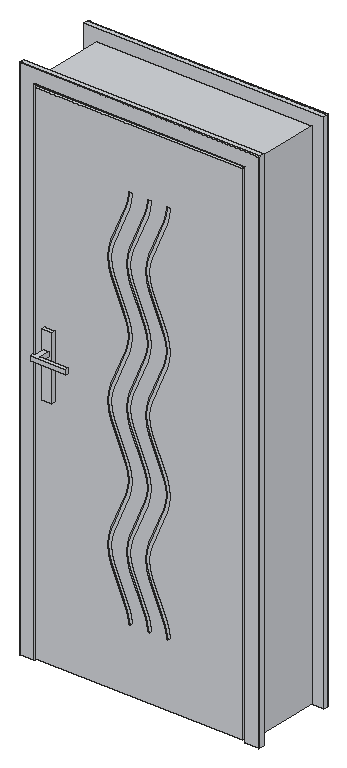
Revit family "PortaFOCUSbp_1D", category Drzwi, Revit 2016
Family settings
  Obiekt nadrzędny = Ściana
  Zawsze pionowo = Tak
  Tnij formami wycięć po wczytaniu = Nie
  Współdzielony = Nie
  Punkt obliczania pomieszczeń = Nie
Parameters (values of type "PN 80")
  Zakres szerokości muru [instance] = if(and(Szerokość ściany > 94 mm, Szerokość ściany < 120 mm), "B", (if(and(Szerokość ściany > 119 mm, Szerokość ściany < 140 mm), "C", (if(and(Szerokość ściany > 139 mm, Szerokość ściany < 160 mm), "D", (if(and(Szerokość ściany > 159 mm, Szerokość ściany < 180 mm), "E", (if(and(Szerokość ściany > 179 mm, Szerokość ściany < 200 mm), "F", (if(and(Szerokość ściany > 199 mm, Szerokość ściany < 220 mm), "G", (if(and(Szerokość ściany > 219 mm, Szerokość ściany < 240 mm), "H", (if(and(Szerokość ściany > 239 mm, Szerokość ściany < 260 mm), "I", (if(and(Szerokość ściany > 259 mm, Szerokość ściany < 280 mm), "J", (if(and(Szerokość ściany > 279 mm, Szerokość ściany < 301 mm), "K", "BRAK")))))))))))))))))))  # "K"
  Wysokość brutto = 2060 mm
  Szerokość ściany [instance] = 300 mm
  Szerokość brutto = 880 mm
  Model = "Porta Focus 1D"
  Konstrukcja analityczna = "<Brak>"
  Funkcja = Wewnętrzna
  URL = "www.porta.com.pl"
  Ss = 818 mm
  Sb = 846 mm
  Producent = "PORTA KMI POLAND"
  Keynote = ""
  Opis = "Własność Porta KMI Poland, wszelkie prawa zastrzeżone."  # constant formula
  Wysokość = 2016 mm
  Zakończenie ściany = Wg obiektu nadrzędnego
  Szerokość = 800 mm
  Materiał_skrzydło [instance] = none
  Materiał_ościeżnica [instance] = none
  Materiał_klamka [instance] = none
  Hs = 2017 mm
Types (5, lengths in mm): name | Szerokość brutto | Ss | Sb | Szerokość
  PN 70 | 780 | 718 | 746 | 700
  PN 60 | 680 | 618 | 646 | 600
  PN 80 | 880 | 818 | 846 | 800
  PN 90 | 980 | 918 | 946 | 900
  PN 100 | 1080 | 1018 | 1046 | 1000
Reference planes
  plane 1: y = 0
  plane 2 "Środek (Lewa/Prawa)": x = 0
  plane 3 "Lewy": x = -440
  plane 4 "Prawy": x = 440
  plane 5: z = 2060
  plane 6 "Zewnętrzna": y = 150
  plane 7 "Wewnętrzna": y = -150
  plane 8 "skrzydło": y = -129
Forms (mm)
  Sweep 1, solid, material <- "Materiał_ościeżnica"
    path in 3D
      loop
        line (-440, -150, 0) -> (-440, -150, 2060) -> (440, -150, 2060) -> (440, -150, 0)
    profile origin (-440, -150, 1030) x (0, -1, 0) y (1, 0, 0)
      loop
        line (-24, 39) -> (-72, 39) -> (-72, 17) -> (0, 17) -> (0, -33) -> (16, -33)
        arc (16, -33) -> (18.121, -32.121) -> (19, -30) r 3
        line (19, -30) -> (19, 24)
        arc (19, 24) -> (18.121, 26.121) -> (16, 27) r 3
        line (16, 27) -> (-24, 27) -> (-24, 39)
  Sweep 2, solid, material <- "Materiał_ościeżnica"
    path in 3D
      loop
        line (440, 150, 0) -> (440, 150, 2060) -> (-440, 150, 2060) -> (-440, 150, 0)
    profile origin (-440, 150, 1030) x (1, 0, 0) y (0, 1, 0)
      loop
        line (-33, 0) -> (17, 0) -> (17, -228) -> (39, -228) -> (39, -1)
        arc (39, -1) -> (37.536, 2.536) -> (34, 4) r 5
        line (34, 4) -> (25, 4) -> (25, 16)
        arc (25, 16) -> (24.121, 18.121) -> (22, 19) r 3
        line (22, 19) -> (-30, 19)
        arc (-30, 19) -> (-32.121, 18.121) -> (-33, 16) r 3
        line (-33, 16) -> (-33, 0)
  Sweep 3, solid, not visible
    path in 3D
      loop
        line (-440, -150, 0) -> (-440, -150, 2060)
    profile origin (-440, -150, 1030) x (0, -1, 0) y (1, 0, 0)
      loop
        line (-151, 17) -> (-149, 17) -> (-149, 19) -> (-151, 19) -> (-151, 17)
Cuts and joins
  joined: Sweep 1, Sweep 2
Lines and regions (mm)
  Opening 1
    outline origin (-3050, -150, 0) x (1, 0, 0) y (0, 0, 1)
      loop
        line (2610, 0) -> (3490, 0) -> (3490, 2060) -> (2610, 2060) -> (2610, 0)
  sketch lines
    curve 1: line (-440, -150, 0) -> (-440, -150, 2060)
    curve 2: line (-440, -150, 2060) -> (440, -150, 2060)
    curve 3: line (440, -150, 2060) -> (440, -150, 0)
    curve 4: line (-440, 150, 2060) -> (-440, 150, 0)
    curve 5: line (440, 150, 2060) -> (-440, 150, 2060)
    curve 6: line (440, 150, 0) -> (440, 150, 2060)
    curve 12: line (-440, -150, 0) -> (-440, -150, 2060)
  symbolic lines, style "DoorsPanelProjection"
    curve 7: line (409, -150, 0) -> (409, -968, 0)
    curve 8: line (409, -968, 0) -> (369, -968, 0)
    curve 9: line (369, -968, 0) -> (369, -150, 0)
    curve 10: line (369, -150, 0) -> (409, -150, 0)
  symbolic lines, style "Ugięcie rzutu"
    curve 11: arc (-409, -150, 0) -> (-169.413, -728.413, 0) -> (409, -968, 0) r 818
Text (mm)
  text "Zewnętrzna" at (-2295.016, 1099.543, 0), in view "Poziom odniesienia"
  text "Zewnętrzna" at (0, 1615.38, 3698.081), in view "Lewy"
  text "Zewnętrzna" at (0, 1036.032, 3874.932), in view "Prawy"
Dimensions and locks
  equal spacing: plane 3 "Lewy", plane 2 "Środek (Lewa/Prawa)", plane 4 "Prawy"
  "Szerokość brutto": plane 3 "Lewy" to plane 4 "Prawy"
  "Wysokość brutto": plane 5 to host wall
  host wall to plane 5 = 2060 mm  (x2)
  locked: plane 6 "Zewnętrzna" to host wall at 0
  locked: plane 7 "Wewnętrzna" to host wall
  "Sb": Sweep 1 to Sweep 1
  locked: Sweep 1 sketch curve to Sweep 1 sketch curve at 22
  Sweep 1 sketch curve to Sweep 1 sketch curve = 50 mm
  locked: Sweep 1 sketch curve to profile plane at 72
  locked: Sweep 2 sketch curve to Sweep 2 sketch curve at 50
  locked: Sweep 2 sketch curve to Sweep 2 sketch curve at 22
  locked: Sweep 2 sketch curve to plane 6 "Zewnętrzna" at 1
  locked: curve 9 to curve 7 at 40
  "Ss": curve 8 to curve 10
  equal spacing: curve 11, plane 2 "Środek (Lewa/Prawa)", curve 7
  locked: plane 7 "Wewnętrzna" to plane 8 "skrzydło" at 21
  locked: host wall to Sweep 3 sketch curve at 1
  locked: Sweep 3 sketch curve to host wall at 1
  locked: Sweep 3 sketch curve to plane 6 "Zewnętrzna" at 151
  locked: plane 7 "Wewnętrzna" to Sweep 3 sketch curve at 151
  nested 1 to plane 2 "Środek (Lewa/Prawa)" to nested 1 = 409 mm, 409 mm
  locked: nested 1 to level at 8
  "Szerokość ściany": host wall to host wall
  aligned and locked: plane 3 "Lewy" to Opening 1 sketch curve
  aligned and locked: plane 5 to Opening 1 sketch curve  (x2)
  aligned and locked: Opening 1 sketch curve to plane 4 "Prawy"
  aligned and locked: Opening 1 sketch curve to level
  aligned and locked: plane 1 to host wall
  aligned and locked: Sweep 1 to Sweep 2 sketch curve
  aligned and locked: plane 7 "Wewnętrzna" to curve 10
  aligned and locked: Sweep 3 sketch curve to cut or joined group of Sweep 1, Sweep 2
  aligned and locked: Sweep 2 sketch curve to cut or joined group of Sweep 1, Sweep 2
  aligned and locked: nested 1 to plane 8 "skrzydło"
  aligned and locked: plane 2 "Środek (Lewa/Prawa)" to nested 1
Automatic sketch dimensions
  profile plane to Sweep 1 sketch curve = 24 mm
  Sweep 1 sketch curve to profile plane = 16 mm  (x2)
  Sweep 1 sketch curve to Sweep 1 sketch curve = 3 mm
  profile plane to Sweep 1 sketch curve = 17 mm
  Sweep 1 sketch curve to Sweep 1 sketch curve = 7 mm
  Sweep 1 sketch curve to profile plane = 0 mm
  Sweep 2 sketch curve to profile plane = 0 mm
  Sweep 2 sketch curve to profile plane = 16 mm
  Sweep 2 sketch curve to Sweep 2 sketch curve = 3 mm
  Sweep 2 sketch curve to Sweep 2 sketch curve = 5 mm
  Sweep 2 sketch curve to profile plane = 4 mm
  Sweep 2 sketch curve to Sweep 2 sketch curve = 8 mm
  curve 11 to host wall = 0 mm
  Sweep 3 sketch curve to Sweep 3 sketch curve = 2 mm
Nested families
  nested 1: "skrzydło" at (0, -135.5, 0), Materiał_klamka <- "Materiał_klamka", Materiał_skrzydło <- "Materiał_skrzydło", type "skrzydło"
    with Materiał_skrzydło none, Materiał_klamka none
Definition of nested family "skrzydło"
  Parameters
    Ss = 818 mm
    Materiał_skrzydło [instance] = none
    Materiał_klamka [instance] = none
    Hs = 2017 mm
  Reference planes
    plane 1 "Tył": y = 6.5
    plane 2: z = 0
    plane 3 "Środek (Lewa/Prawa)": x = 0
    plane 4 "Przód": y = -33.5
    plane 5: z = 2025
    plane 6 "Centrum": y = -13.5
    plane 7: z = 8
    plane 8: x = -409
    plane 9: x = 409
  Forms (mm)
    Extrusion 1, solid, material <- "Materiał_skrzydło"
      sketch origin (-1191.728, -1524, 8) x (-1, 0, 0) y (0, -1, 0)
        loop
          line (-1600.728, -1490.5) -> (-1600.728, -1530.5) -> (-782.728, -1530.5) -> (-782.728, -1490.5) -> (-1600.728, -1490.5)
      from 0 to 2017
    Extrusion 2, void
      sketch origin (-2050.117, -33.5, 1200) x (1, 0, 0) y (0, 0, 1)
        loop
          arc (2174.176, 579.48) -> (2166.102, 588) -> (2157.582, 579.925) r 8.3
          arc (2157.582, 579.925) -> (2154.435, 553.767) -> (2146.51, 528.641) r 142.003
          line (2146.51, 528.641) -> (2088.426, 390.745)
          arc (2088.426, 390.745) -> (2076.012, 329.295) -> (2088.426, 267.845) r 158.3
          line (2088.426, 267.845) -> (2146.51, 129.949)
          arc (2146.51, 129.949) -> (2157.622, 74.942) -> (2146.51, 19.936) r 141.7
          line (2146.51, 19.936) -> (2088.426, -117.96)
          arc (2088.426, -117.96) -> (2076.012, -179.41) -> (2088.426, -240.86) r 158.3
          line (2088.426, -240.86) -> (2146.51, -378.756)
          arc (2146.51, -378.756) -> (2157.622, -433.763) -> (2146.51, -488.769) r 141.7
          line (2146.51, -488.769) -> (2088.426, -626.665)
          arc (2088.426, -626.665) -> (2076.012, -688.115) -> (2088.426, -749.565) r 158.3
          line (2088.426, -749.565) -> (2146.51, -887.462)
          arc (2146.51, -887.462) -> (2153.938, -910.364) -> (2157.381, -934.194) r 141.7
          arc (2157.381, -934.194) -> (2166.151, -941.995) -> (2173.952, -933.225) r 8.3
          arc (2173.952, -933.225) -> (2170.106, -906.604) -> (2161.809, -881.018) r 158.3
          line (2161.809, -881.018) -> (2103.724, -743.121)
          arc (2103.724, -743.121) -> (2092.612, -688.115) -> (2103.724, -633.109) r 141.7
          line (2103.724, -633.109) -> (2161.809, -495.213)
          arc (2161.809, -495.213) -> (2174.222, -433.763) -> (2161.809, -372.313) r 158.3
          line (2161.809, -372.313) -> (2103.724, -234.416)
          arc (2103.724, -234.416) -> (2092.612, -179.41) -> (2103.724, -124.404) r 141.7
          line (2103.724, -124.404) -> (2161.809, 13.493)
          arc (2161.809, 13.493) -> (2174.222, 74.942) -> (2161.809, 136.392) r 158.3
          line (2161.809, 136.392) -> (2103.724, 274.289)
          arc (2103.724, 274.289) -> (2092.612, 329.295) -> (2103.724, 384.301) r 141.7
          line (2103.724, 384.301) -> (2161.809, 522.198)
          arc (2161.809, 522.198) -> (2170.661, 550.263) -> (2174.176, 579.48) r 158.603
        loop
          arc (2099.176, 579.48) -> (2091.102, 588) -> (2082.582, 579.925) r 8.3
          arc (2082.582, 579.925) -> (2079.435, 553.767) -> (2071.51, 528.641) r 142.003
          line (2071.51, 528.641) -> (2013.426, 390.745)
          arc (2013.426, 390.745) -> (2001.012, 329.295) -> (2013.426, 267.845) r 158.3
          line (2013.426, 267.845) -> (2071.51, 129.949)
          arc (2071.51, 129.949) -> (2082.622, 74.942) -> (2071.51, 19.936) r 141.7
          line (2071.51, 19.936) -> (2013.426, -117.96)
          arc (2013.426, -117.96) -> (2001.012, -179.41) -> (2013.426, -240.86) r 158.3
          line (2013.426, -240.86) -> (2071.51, -378.756)
          arc (2071.51, -378.756) -> (2082.622, -433.763) -> (2071.51, -488.769) r 141.7
          line (2071.51, -488.769) -> (2013.426, -626.665)
          arc (2013.426, -626.665) -> (2001.012, -688.115) -> (2013.426, -749.565) r 158.3
          line (2013.426, -749.565) -> (2071.51, -887.462)
          arc (2071.51, -887.462) -> (2078.938, -910.364) -> (2082.381, -934.194) r 141.7
          arc (2082.381, -934.194) -> (2091.151, -941.995) -> (2098.952, -933.225) r 8.3
          arc (2098.952, -933.225) -> (2095.106, -906.604) -> (2086.809, -881.018) r 158.3
          line (2086.809, -881.018) -> (2028.724, -743.121)
          arc (2028.724, -743.121) -> (2017.612, -688.115) -> (2028.724, -633.109) r 141.7
          line (2028.724, -633.109) -> (2086.809, -495.213)
          arc (2086.809, -495.213) -> (2099.222, -433.763) -> (2086.809, -372.313) r 158.3
          line (2086.809, -372.313) -> (2028.724, -234.416)
          arc (2028.724, -234.416) -> (2017.612, -179.41) -> (2028.724, -124.404) r 141.7
          line (2028.724, -124.404) -> (2086.809, 13.493)
          arc (2086.809, 13.493) -> (2099.222, 74.942) -> (2086.809, 136.392) r 158.3
          line (2086.809, 136.392) -> (2028.724, 274.289)
          arc (2028.724, 274.289) -> (2017.612, 329.295) -> (2028.724, 384.301) r 141.7
          line (2028.724, 384.301) -> (2086.809, 522.198)
          arc (2086.809, 522.198) -> (2095.661, 550.263) -> (2099.176, 579.48) r 158.603
        loop
          arc (2024.176, 579.48) -> (2016.102, 588) -> (2007.582, 579.925) r 8.3
          arc (2007.582, 579.925) -> (2004.435, 553.767) -> (1996.51, 528.641) r 142.003
          line (1996.51, 528.641) -> (1938.426, 390.745)
          arc (1938.426, 390.745) -> (1926.012, 329.295) -> (1938.426, 267.845) r 158.3
          line (1938.426, 267.845) -> (1996.51, 129.949)
          arc (1996.51, 129.949) -> (2007.622, 74.942) -> (1996.51, 19.936) r 141.7
          line (1996.51, 19.936) -> (1938.426, -117.96)
          arc (1938.426, -117.96) -> (1926.012, -179.41) -> (1938.426, -240.86) r 158.3
          line (1938.426, -240.86) -> (1996.51, -378.756)
          arc (1996.51, -378.756) -> (2007.622, -433.763) -> (1996.51, -488.769) r 141.7
          line (1996.51, -488.769) -> (1938.426, -626.665)
          arc (1938.426, -626.665) -> (1926.012, -688.115) -> (1938.426, -749.565) r 158.3
          line (1938.426, -749.565) -> (1996.51, -887.462)
          arc (1996.51, -887.462) -> (2003.938, -910.366) -> (2007.381, -934.197) r 141.7
          arc (2007.381, -934.197) -> (2016.151, -941.998) -> (2023.952, -933.228) r 8.3
          arc (2023.952, -933.228) -> (2020.106, -906.605) -> (2011.809, -881.018) r 158.3
          line (2011.809, -881.018) -> (1953.724, -743.121)
          arc (1953.724, -743.121) -> (1942.612, -688.115) -> (1953.724, -633.109) r 141.7
          line (1953.724, -633.109) -> (2011.809, -495.213)
          arc (2011.809, -495.213) -> (2024.222, -433.763) -> (2011.809, -372.313) r 158.3
          line (2011.809, -372.313) -> (1953.724, -234.416)
          arc (1953.724, -234.416) -> (1942.612, -179.41) -> (1953.724, -124.404) r 141.7
          line (1953.724, -124.404) -> (2011.809, 13.493)
          arc (2011.809, 13.493) -> (2024.222, 74.942) -> (2011.809, 136.392) r 158.3
          line (2011.809, 136.392) -> (1953.724, 274.289)
          arc (1953.724, 274.289) -> (1942.612, 329.295) -> (1953.724, 384.301) r 141.7
          line (1953.724, 384.301) -> (2011.809, 522.198)
          arc (2011.809, 522.198) -> (2020.661, 550.263) -> (2024.176, 579.48) r 158.603
      from -1 to 10
    Extrusion 3, void
      sketch origin (-2050.117, 6.5, 1200) x (1, 0, 0) y (0, 0, -1)
        loop
          arc (2174.176, -579.48) -> (2170.661, -550.263) -> (2161.809, -522.198) r 158.603
          line (2161.809, -522.198) -> (2103.724, -384.301)
          arc (2103.724, -384.301) -> (2092.612, -329.295) -> (2103.724, -274.289) r 141.7
          line (2103.724, -274.289) -> (2161.809, -136.392)
          arc (2161.809, -136.392) -> (2174.222, -74.942) -> (2161.809, -13.493) r 158.3
          line (2161.809, -13.493) -> (2103.724, 124.404)
          arc (2103.724, 124.404) -> (2092.612, 179.41) -> (2103.724, 234.416) r 141.7
          line (2103.724, 234.416) -> (2161.809, 372.313)
          arc (2161.809, 372.313) -> (2174.222, 433.763) -> (2161.809, 495.213) r 158.3
          line (2161.809, 495.213) -> (2103.724, 633.109)
          arc (2103.724, 633.109) -> (2092.612, 688.115) -> (2103.724, 743.121) r 141.7
          line (2103.724, 743.121) -> (2161.809, 881.018)
          arc (2161.809, 881.018) -> (2170.106, 906.604) -> (2173.952, 933.225) r 158.3
          arc (2173.952, 933.225) -> (2166.151, 941.995) -> (2157.381, 934.194) r 8.3
          arc (2157.381, 934.194) -> (2153.938, 910.364) -> (2146.51, 887.462) r 141.7
          line (2146.51, 887.462) -> (2088.426, 749.565)
          arc (2088.426, 749.565) -> (2076.012, 688.115) -> (2088.426, 626.665) r 158.3
          line (2088.426, 626.665) -> (2146.51, 488.769)
          arc (2146.51, 488.769) -> (2157.622, 433.763) -> (2146.51, 378.756) r 141.7
          line (2146.51, 378.756) -> (2088.426, 240.86)
          arc (2088.426, 240.86) -> (2076.012, 179.41) -> (2088.426, 117.96) r 158.3
          line (2088.426, 117.96) -> (2146.51, -19.936)
          arc (2146.51, -19.936) -> (2157.622, -74.942) -> (2146.51, -129.949) r 141.7
          line (2146.51, -129.949) -> (2088.426, -267.845)
          arc (2088.426, -267.845) -> (2076.012, -329.295) -> (2088.426, -390.745) r 158.3
          line (2088.426, -390.745) -> (2146.51, -528.641)
          arc (2146.51, -528.641) -> (2154.435, -553.767) -> (2157.582, -579.925) r 142.003
          arc (2157.582, -579.925) -> (2166.102, -588) -> (2174.176, -579.48) r 8.3
        loop
          arc (2099.176, -579.48) -> (2095.661, -550.263) -> (2086.809, -522.198) r 158.603
          line (2086.809, -522.198) -> (2028.724, -384.301)
          arc (2028.724, -384.301) -> (2017.612, -329.295) -> (2028.724, -274.289) r 141.7
          line (2028.724, -274.289) -> (2086.809, -136.392)
          arc (2086.809, -136.392) -> (2099.222, -74.942) -> (2086.809, -13.493) r 158.3
          line (2086.809, -13.493) -> (2028.724, 124.404)
          arc (2028.724, 124.404) -> (2017.612, 179.41) -> (2028.724, 234.416) r 141.7
          line (2028.724, 234.416) -> (2086.809, 372.313)
          arc (2086.809, 372.313) -> (2099.222, 433.763) -> (2086.809, 495.213) r 158.3
          line (2086.809, 495.213) -> (2028.724, 633.109)
          arc (2028.724, 633.109) -> (2017.612, 688.115) -> (2028.724, 743.121) r 141.7
          line (2028.724, 743.121) -> (2086.809, 881.018)
          arc (2086.809, 881.018) -> (2095.106, 906.604) -> (2098.952, 933.225) r 158.3
          arc (2098.952, 933.225) -> (2091.151, 941.995) -> (2082.381, 934.194) r 8.3
          arc (2082.381, 934.194) -> (2078.938, 910.364) -> (2071.51, 887.462) r 141.7
          line (2071.51, 887.462) -> (2013.426, 749.565)
          arc (2013.426, 749.565) -> (2001.012, 688.115) -> (2013.426, 626.665) r 158.3
          line (2013.426, 626.665) -> (2071.51, 488.769)
          arc (2071.51, 488.769) -> (2082.622, 433.763) -> (2071.51, 378.756) r 141.7
          line (2071.51, 378.756) -> (2013.426, 240.86)
          arc (2013.426, 240.86) -> (2001.012, 179.41) -> (2013.426, 117.96) r 158.3
          line (2013.426, 117.96) -> (2071.51, -19.936)
          arc (2071.51, -19.936) -> (2082.622, -74.942) -> (2071.51, -129.949) r 141.7
          line (2071.51, -129.949) -> (2013.426, -267.845)
          arc (2013.426, -267.845) -> (2001.012, -329.295) -> (2013.426, -390.745) r 158.3
          line (2013.426, -390.745) -> (2071.51, -528.641)
          arc (2071.51, -528.641) -> (2079.435, -553.767) -> (2082.582, -579.925) r 142.003
          arc (2082.582, -579.925) -> (2091.102, -588) -> (2099.176, -579.48) r 8.3
        loop
          arc (2024.176, -579.48) -> (2020.661, -550.263) -> (2011.809, -522.198) r 158.603
          line (2011.809, -522.198) -> (1953.724, -384.301)
          arc (1953.724, -384.301) -> (1942.612, -329.295) -> (1953.724, -274.289) r 141.7
          line (1953.724, -274.289) -> (2011.809, -136.392)
          arc (2011.809, -136.392) -> (2024.222, -74.942) -> (2011.809, -13.493) r 158.3
          line (2011.809, -13.493) -> (1953.724, 124.404)
          arc (1953.724, 124.404) -> (1942.612, 179.41) -> (1953.724, 234.416) r 141.7
          line (1953.724, 234.416) -> (2011.809, 372.313)
          arc (2011.809, 372.313) -> (2024.222, 433.763) -> (2011.809, 495.213) r 158.3
          line (2011.809, 495.213) -> (1953.724, 633.109)
          arc (1953.724, 633.109) -> (1942.612, 688.115) -> (1953.724, 743.121) r 141.7
          line (1953.724, 743.121) -> (2011.809, 881.018)
          arc (2011.809, 881.018) -> (2020.106, 906.605) -> (2023.952, 933.228) r 158.3
          arc (2023.952, 933.228) -> (2016.151, 941.998) -> (2007.381, 934.197) r 8.3
          arc (2007.381, 934.197) -> (2003.938, 910.366) -> (1996.51, 887.462) r 141.7
          line (1996.51, 887.462) -> (1938.426, 749.565)
          arc (1938.426, 749.565) -> (1926.012, 688.115) -> (1938.426, 626.665) r 158.3
          line (1938.426, 626.665) -> (1996.51, 488.769)
          arc (1996.51, 488.769) -> (2007.622, 433.763) -> (1996.51, 378.756) r 141.7
          line (1996.51, 378.756) -> (1938.426, 240.86)
          arc (1938.426, 240.86) -> (1926.012, 179.41) -> (1938.426, 117.96) r 158.3
          line (1938.426, 117.96) -> (1996.51, -19.936)
          arc (1996.51, -19.936) -> (2007.622, -74.942) -> (1996.51, -129.949) r 141.7
          line (1996.51, -129.949) -> (1938.426, -267.845)
          arc (1938.426, -267.845) -> (1926.012, -329.295) -> (1938.426, -390.745) r 158.3
          line (1938.426, -390.745) -> (1996.51, -528.641)
          arc (1996.51, -528.641) -> (2004.435, -553.767) -> (2007.582, -579.925) r 142.003
          arc (2007.582, -579.925) -> (2016.102, -588) -> (2024.176, -579.48) r 8.3
      from -1 to 10
  Cuts and joins
    Extrusion 2, Extrusion 3 cuts Extrusion 1
  Dimensions and locks
    locked: plane 7 to level at 8
    "Hs": plane 5 to plane 7
    locked: nested 1 to plane 7 at 934
    locked: plane 7 to nested 2 at 934
    equal spacing: plane 4 "Przód", plane 6 "Centrum", plane 1 "Tył"
    equal spacing: plane 8, plane 3 "Środek (Lewa/Prawa)", plane 9
    "Ss": plane 8 to plane 9
    locked: plane 8 to nested 1 at 55
    locked: plane 8 to nested 2 at 55
    aligned and locked: nested 1 to plane 4 "Przód"
    aligned and locked: plane 5 to Extrusion 1
    aligned and locked: nested 2 to nested 1
    aligned and locked: Extrusion 1 sketch curve to plane 8
    aligned and locked: Extrusion 1 sketch curve to plane 9
  Automatic sketch dimensions
    plane 1 "Tył" to Extrusion 1 sketch curve = 0 mm
    Extrusion 1 sketch curve to plane 4 "Przód" = 0 mm
    Extrusion 2 sketch curve to Extrusion 2 sketch curve = 0 mm  (x71)
    Extrusion 2 sketch curve to plane 3 "Środek (Lewa/Prawa)" = 184.486 mm
    Extrusion 2 sketch curve to plane 3 "Środek (Lewa/Prawa)" = 184.195 mm  (x3)
    Extrusion 2 sketch curve to plane 3 "Środek (Lewa/Prawa)" = 111.691 mm  (x6)
    Extrusion 2 sketch curve to Extrusion 2 sketch curve = 75 mm  (x10)
    Extrusion 2 sketch curve to Extrusion 2 sketch curve = 15.298 mm  (x33)
    Extrusion 2 sketch curve to plane 3 "Środek (Lewa/Prawa)" = 53.607 mm  (x6)
    Extrusion 2 sketch curve to plane 3 "Środek (Lewa/Prawa)" = 42.736 mm
    Extrusion 2 sketch curve to plane 3 "Środek (Lewa/Prawa)" = 42.535 mm
    Extrusion 2 sketch curve to Extrusion 2 sketch curve = 15.299 mm  (x3)
    Extrusion 2 sketch curve to plane 3 "Środek (Lewa/Prawa)" = 36.691 mm  (x6)
    Extrusion 2 sketch curve to Extrusion 2 sketch curve = 8.048 mm
    Extrusion 2 sketch curve to Extrusion 2 sketch curve = 8.286 mm  (x3)
    Extrusion 2 sketch curve to Extrusion 2 sketch curve = 0.249 mm
    Extrusion 2 sketch curve to plane 3 "Środek (Lewa/Prawa)" = 34.195 mm  (x2)
    Extrusion 2 sketch curve to Extrusion 2 sketch curve = 0.256 mm
    plane 3 "Środek (Lewa/Prawa)" to Extrusion 2 sketch curve = 21.393 mm  (x6)
    plane 3 "Środek (Lewa/Prawa)" to Extrusion 2 sketch curve = 32.263 mm
    plane 3 "Środek (Lewa/Prawa)" to Extrusion 2 sketch curve = 32.465 mm
    plane 3 "Środek (Lewa/Prawa)" to Extrusion 2 sketch curve = 34.195 mm  (x3)
    plane 3 "Środek (Lewa/Prawa)" to Extrusion 2 sketch curve = 38.309 mm  (x6)
    Extrusion 2 sketch curve to Extrusion 2 sketch curve = 8.297 mm  (x2)
    Extrusion 2 sketch curve to Extrusion 2 sketch curve = 59.701 mm
    Extrusion 2 sketch curve to Extrusion 2 sketch curve = 59.702 mm  (x5)
    Extrusion 2 sketch curve to Extrusion 2 sketch curve = 10.87 mm
    Extrusion 2 sketch curve to Extrusion 2 sketch curve = 11.072 mm
    plane 7 to Extrusion 2 sketch curve = 249.532 mm
    Extrusion 2 sketch curve to Extrusion 2 sketch curve = 8.271 mm
    Extrusion 2 sketch curve to Extrusion 2 sketch curve = 0.967 mm
    Extrusion 2 sketch curve to Extrusion 2 sketch curve = 0.969 mm
    Extrusion 2 sketch curve to Extrusion 2 sketch curve = 131.453 mm  (x6)
    Extrusion 2 sketch curve to Extrusion 2 sketch curve = 6.444 mm  (x15)
    Extrusion 2 sketch curve to Extrusion 2 sketch curve = 55.006 mm  (x9)
    Extrusion 2 sketch curve to Extrusion 2 sketch curve = 137.896 mm  (x3)
    Extrusion 2 sketch curve to Extrusion 2 sketch curve = 6.442 mm  (x3)
    Extrusion 3 sketch curve to Extrusion 3 sketch curve = 0 mm  (x73)
    Extrusion 3 sketch curve to plane 3 "Środek (Lewa/Prawa)" = 184.486 mm
    Extrusion 3 sketch curve to plane 3 "Środek (Lewa/Prawa)" = 184.195 mm  (x3)
    Extrusion 3 sketch curve to plane 3 "Środek (Lewa/Prawa)" = 111.691 mm  (x6)
    Extrusion 3 sketch curve to Extrusion 3 sketch curve = 75 mm  (x10)
    Extrusion 3 sketch curve to Extrusion 3 sketch curve = 15.298 mm  (x33)
    Extrusion 3 sketch curve to plane 3 "Środek (Lewa/Prawa)" = 53.607 mm  (x6)
    Extrusion 3 sketch curve to plane 3 "Środek (Lewa/Prawa)" = 42.736 mm
    Extrusion 3 sketch curve to plane 3 "Środek (Lewa/Prawa)" = 42.535 mm
    Extrusion 3 sketch curve to Extrusion 3 sketch curve = 15.299 mm  (x3)
    Extrusion 3 sketch curve to plane 3 "Środek (Lewa/Prawa)" = 36.691 mm  (x6)
    Extrusion 3 sketch curve to Extrusion 3 sketch curve = 8.048 mm
    Extrusion 3 sketch curve to Extrusion 3 sketch curve = 8.286 mm  (x3)
    Extrusion 3 sketch curve to Extrusion 3 sketch curve = 0.249 mm
    Extrusion 3 sketch curve to plane 3 "Środek (Lewa/Prawa)" = 34.195 mm  (x2)
    Extrusion 3 sketch curve to Extrusion 3 sketch curve = 0.256 mm
    plane 3 "Środek (Lewa/Prawa)" to Extrusion 3 sketch curve = 21.393 mm  (x6)
    plane 3 "Środek (Lewa/Prawa)" to Extrusion 3 sketch curve = 32.263 mm
    plane 3 "Środek (Lewa/Prawa)" to Extrusion 3 sketch curve = 32.465 mm
    plane 3 "Środek (Lewa/Prawa)" to Extrusion 3 sketch curve = 34.195 mm  (x3)
    plane 3 "Środek (Lewa/Prawa)" to Extrusion 3 sketch curve = 38.309 mm  (x6)
    Extrusion 3 sketch curve to Extrusion 3 sketch curve = 8.297 mm  (x2)
    Extrusion 3 sketch curve to Extrusion 3 sketch curve = 59.701 mm
    Extrusion 3 sketch curve to Extrusion 3 sketch curve = 59.702 mm  (x5)
    Extrusion 3 sketch curve to Extrusion 3 sketch curve = 10.87 mm
    Extrusion 3 sketch curve to Extrusion 3 sketch curve = 11.072 mm
    Extrusion 3 sketch curve to plane 5 = 241.265 mm
    Extrusion 3 sketch curve to Extrusion 3 sketch curve = 3.81 mm
    Extrusion 3 sketch curve to Extrusion 3 sketch curve = 0.445 mm  (x2)
    Extrusion 3 sketch curve to Extrusion 3 sketch curve = 137.896 mm  (x2)
    Extrusion 3 sketch curve to Extrusion 3 sketch curve = 131.453 mm  (x5)
    Extrusion 3 sketch curve to Extrusion 3 sketch curve = 6.444 mm  (x18)
    Extrusion 3 sketch curve to Extrusion 3 sketch curve = 55.006 mm  (x9)
  Nested families
    nested 1: "KLAMKA" at (-354, -33.5, 1067), Materiał klamki <- "Materiał_klamka", type "KLAMKA"
      with Materiał klamki none
    nested 2: "KLAMKA" at (-354, 6.5, 1067), Materiał klamki <- "Materiał_klamka", type "KLAMKA"
      with Materiał klamki none
  Definition of nested family "KLAMKA"
    Parameters
      Materiał klamki [instance] = none
      Assembly Code = ""
      Default Elevation = 1219.2 mm
    Reference planes
      plane 1 "Center (Front/Back)": y = 0
      plane 2: z = 0
      plane 3 "Center (Left/Right)": x = 0
      plane 4: z = 125
      plane 5: z = -125
      plane 6: x = 20
      plane 7: x = -20
      plane 8: y = -70
      plane 9: y = -60
      plane 10: x = 10
      plane 11: x = -10
      plane 12: x = 120
      plane 13: z = 35
      plane 14: z = 55
      plane 15: y = -15
    Forms (mm)
      Extrusion 1, solid, material <- "Materiał klamki"
        sketch origin (0, 0, 0) x (1, 0, 0) y (0, 0, 1)
          loop
            line (-20, 125) -> (-20, -125) -> (20, -125) -> (20, 125) -> (-20, 125)
        from 0 to 15
      Extrusion 2, solid, material <- "Materiał klamki"
        sketch origin (0, 0, 0) x (1, 0, 0) y (0, 1, 0)
          loop
            line (-10, -15) -> (-10, -60) -> (-20, -60) -> (-20, -70) -> (120, -70) -> (120, -60) -> (10, -60) -> (10, -15) -> (-10, -15)
        from 35 to 55
    Dimensions and locks
      equal spacing: plane 4, plane 2, plane 5
      plane 4 to plane 5 = 250 mm
      equal spacing: plane 7, plane 3 "Center (Left/Right)", plane 6
      plane 7 to plane 6 = 40 mm
      plane 8 to plane 1 "Center (Front/Back)" = 70 mm
      plane 11 to plane 3 "Center (Left/Right)" to plane 10 = 10 mm locked, 10 mm locked
      plane 7 to plane 12 = 140 mm
      plane 15 to plane 1 "Center (Front/Back)" = 15 mm
      aligned and locked: plane 7 to Extrusion 1 sketch curve
      aligned and locked: Extrusion 1 sketch curve to plane 4
      aligned and locked: plane 5 to Extrusion 1 sketch curve
      aligned and locked: Extrusion 1 sketch curve to plane 6
      aligned and locked: plane 15 to Extrusion 1
      aligned and locked: Extrusion 1 to plane 1 "Center (Front/Back)"
      aligned and locked: plane 14 to Extrusion 2
      aligned and locked: Extrusion 2 to plane 13
    Automatic sketch dimensions
      Extrusion 2 sketch curve to plane 7 = 0 mm
      Extrusion 2 sketch curve to plane 9 = 0 mm  (x2)
      Extrusion 2 sketch curve to plane 11 = 0 mm
      Extrusion 2 sketch curve to plane 10 = 0 mm
      Extrusion 2 sketch curve to plane 12 = 0 mm
      Extrusion 2 sketch curve to plane 8 = 0 mm
      Extrusion 2 sketch curve to plane 15 = 0 mm
